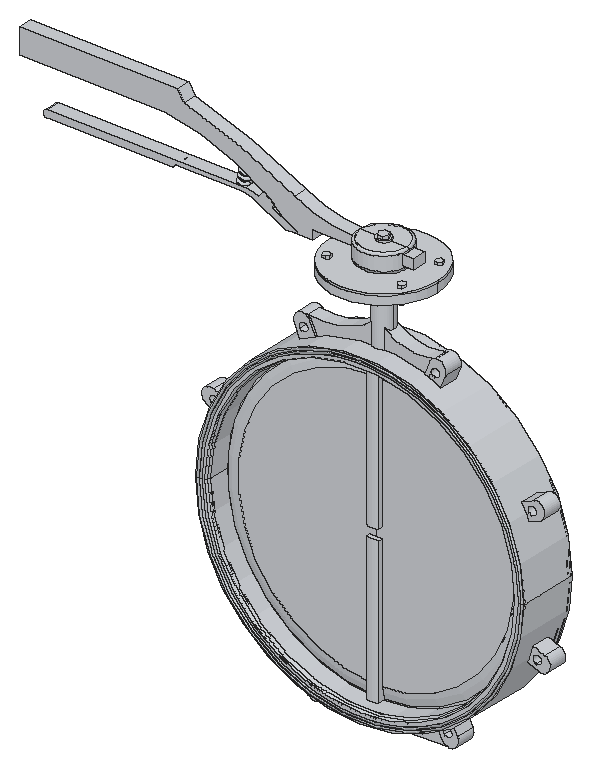
Revit family "R59FLX025", category Plumbing Fixtures, Revit 2015
Reference planes
  plane 1 "Center (Front/Back)": y = 0
  plane 2: z = 0
  plane 3 "Center (Left/Right)": x = 0
  plane 4: z = 274
  plane 5: x = -416
  plane 6: z = 376
  plane 7: z = -200
  plane 8: z = -30
  plane 9: z = 304
  plane 10: y = -34.488
  plane 11: y = 34.012
  plane 12: x = -28.994
Forms (mm)
  Extrusion 1, solid
    sketch origin (0, 0, 264) x (1, 0, 0) y (0, 1, 0)
      loop
        circle (0, 0) r 62.5
    from 0 to 10
  Extrusion 2, solid
    sketch origin (0, 45.948, -6.573) x (1, 0, 0) y (0, 0, 1)
      loop
        arc (-96.679, 319.319) -> (-160.037, 348.333) -> (-226.103, 370.497) r 659.286
        line (-226.103, 370.497) -> (-233.075, 382.573) -> (-416, 382.573) -> (-416, 353.639) -> (-247.687, 353.639)
        arc (-247.687, 353.639) -> (-166.02, 330.17) -> (-97.024, 280.573) r 248.649
        line (-97.024, 280.573) -> (-75.568, 280.573) -> (-75.568, 291.199) -> (41.486, 291.199) -> (41.486, 302.179) -> (-30.767, 302.179)
        arc (-30.767, 302.179) -> (-64.704, 306.978) -> (-96.679, 319.319) r 150.722
    from 37.966 to 54.11
  Extrusion 3, solid
    sketch origin (-57.783, 45.948, -76.087) x (1, 0, 0) y (0, 0, 1)
      loop
        line (-96.037, 377.009) -> (-326.453, 377.009)
        arc (-326.453, 377.009) -> (-330.721, 372.741) -> (-326.453, 368.473) r 4.268
        line (-326.453, 368.473) -> (-181.017, 368.473) -> (-177.189, 372.301) -> (-103.305, 372.301)
        arc (-103.305, 372.301) -> (-95.507, 371.471) -> (-88.058, 369.019) r 37.057
        arc (-88.058, 369.019) -> (-68.407, 360.05) -> (-49.241, 350.087) r 421.945
        line (-49.241, 350.087) -> (-34.866, 350.087)
        arc (-34.866, 350.087) -> (-48.985, 359.43) -> (-64, 367.252) r 162.429
        line (-64, 367.252) -> (-63.437, 371.843) -> (-74.98, 380.231) -> (-80.609, 372.485)
        arc (-80.609, 372.485) -> (-88.159, 375.309) -> (-96.037, 377.009) r 55.494
    from 37.966 to 54.11
  Extrusion 4, solid
    sketch origin (0, 0, -76.95) x (1, 0, 0) y (0, 1, 0)
      loop
        circle (0, 0) r 12
    from 259.167 to 340.95
  Revolve 5, solid
    sketch origin (0, 0, 0) x (0, 1, 0) y (0, 0, 1)
      loop
        line (11.11, 0) -> (-11.11, 0) -> (-11.11, -160.915)
        arc (-11.11, -160.915) -> (-10.081, -168.032) -> (-8, -174.915) r 47.991
        line (-8, -174.915) -> (-6, -174.915) -> (-6, -177.915) -> (0, -177.915) -> (6, -177.915) -> (6, -174.915) -> (8, -174.915)
        arc (8, -174.915) -> (10.081, -168.032) -> (11.11, -160.915) r 47.991
        line (11.11, -160.915) -> (11.11, 0)
      axis (11.11, 0) -> (-11.11, 0)
    angle from 0 to 360
  Blend 6, solid
    base sketch origin (0, 0, -4.163) x (1, 0, 0) y (0, 1, 0)
      loop
        line (-6.883, 16.4) -> (-6.883, -16.4)
        arc (-6.883, -16.4) -> (0, -18.078) -> (6.883, -16.4) r 14.953
        line (6.883, -16.4) -> (6.883, 16.4)
        arc (6.883, 16.4) -> (0, 18.078) -> (-6.883, 16.4) r 14.953
    top sketch origin (0, 0, 0) x (1, 0, 0) y (0, 1, 0)
      loop
        line (-6.883, 16.4) -> (-6.883, -16.4)
        arc (-6.883, -16.4) -> (0, -18.078) -> (6.883, -16.4) r 14.953
        line (6.883, -16.4) -> (6.883, 16.4)
        arc (6.883, 16.4) -> (0, 18.078) -> (-6.883, 16.4) r 14.953
    from 10.163 to 174.726
  Blend 7, solid
    base sketch origin (0, 0, -38.601) x (0, -1, 0) y (1, 0, 0)
      loop
        line (-16.4, -6.883) -> (16.4, -6.883)
        arc (16.4, -6.883) -> (18.078, 0) -> (16.4, 6.883) r 14.953
        line (16.4, 6.883) -> (-16.4, 6.883)
        arc (-16.4, 6.883) -> (-18.078, 0) -> (-16.4, -6.883) r 14.953
    top sketch origin (0, 0, -35.117) x (0, -1, 0) y (1, 0, 0)
      loop
        line (-16.4, -6.883) -> (16.4, -6.883)
        arc (16.4, -6.883) -> (18.078, 0) -> (16.4, 6.883) r 14.953
        line (16.4, 6.883) -> (-16.4, 6.883)
        arc (-16.4, 6.883) -> (-18.078, 0) -> (-16.4, -6.883) r 14.953
    from -136.658 to 29.117
  Extrusion 8, solid
    sketch origin (-55.072, 0, 115.013) x (0.99863, 0, -0.052336) y (0.052336, 0, 0.99863)
      loop
        line (-18.251, 60.114) -> (-25.459, 74.264)
        arc (-25.459, 74.264) -> (-38.908, 78.635) -> (-43.28, 65.186) r 10
        line (-43.28, 65.186) -> (-36.072, 51.036) -> (-18.251, 60.114)
      loop
        circle (-32.1, 65.269) r 5
    from -10.546 to 10.991
  Extrusion 9, solid
    sketch origin (42.384, 0, 120.268) x (0.669131, 0, -0.743145) y (0.743145, 0, 0.669131)
      loop
        line (-18.251, 60.114) -> (-25.459, 74.264)
        arc (-25.459, 74.264) -> (-38.908, 78.635) -> (-43.28, 65.186) r 10
        line (-43.28, 65.186) -> (-36.072, 51.036) -> (-18.251, 60.114)
      loop
        circle (-32.1, 65.269) r 5
    from -10.546 to 10.991
  Extrusion 10, solid
    sketch origin (115.013, 0, 55.072) x (-0.052336, 0, -0.99863) y (0.99863, 0, -0.052336)
      loop
        line (-18.251, 60.114) -> (-25.459, 74.264)
        arc (-25.459, 74.264) -> (-38.908, 78.635) -> (-43.28, 65.186) r 10
        line (-43.28, 65.186) -> (-36.072, 51.036) -> (-18.251, 60.114)
      loop
        circle (-32.1, 65.269) r 5
    from -10.546 to 10.991
  Extrusion 11, solid
    sketch origin (120.268, 0, -42.384) x (-0.743145, 0, -0.669131) y (0.669131, 0, -0.743145)
      loop
        line (-18.251, 60.114) -> (-25.459, 74.264)
        arc (-25.459, 74.264) -> (-38.908, 78.635) -> (-43.28, 65.186) r 10
        line (-43.28, 65.186) -> (-36.072, 51.036) -> (-18.251, 60.114)
      loop
        circle (-32.1, 65.269) r 5
    from -10.546 to 10.991
  Extrusion 12, solid
    sketch origin (55.072, 0, -115.013) x (-0.99863, 0, 0.052336) y (-0.052336, 0, -0.99863)
      loop
        line (-18.251, 60.114) -> (-25.459, 74.264)
        arc (-25.459, 74.264) -> (-38.908, 78.635) -> (-43.28, 65.186) r 10
        line (-43.28, 65.186) -> (-36.072, 51.036) -> (-18.251, 60.114)
      loop
        circle (-32.1, 65.269) r 5
    from -10.546 to 10.991
  Extrusion 13, solid
    sketch origin (-42.384, 0, -120.268) x (-0.669131, 0, 0.743145) y (-0.743145, 0, -0.669131)
      loop
        line (-18.251, 60.114) -> (-25.459, 74.264)
        arc (-25.459, 74.264) -> (-38.908, 78.635) -> (-43.28, 65.186) r 10
        line (-43.28, 65.186) -> (-36.072, 51.036) -> (-18.251, 60.114)
      loop
        circle (-32.1, 65.269) r 5
    from -10.546 to 10.991
  Extrusion 14, solid
    sketch origin (-115.013, 0, -55.072) x (0.052336, 0, 0.99863) y (-0.99863, 0, 0.052336)
      loop
        line (-18.251, 60.114) -> (-25.459, 74.264)
        arc (-25.459, 74.264) -> (-38.908, 78.635) -> (-43.28, 65.186) r 10
        line (-43.28, 65.186) -> (-36.072, 51.036) -> (-18.251, 60.114)
      loop
        circle (-32.1, 65.269) r 5
    from -10.546 to 10.991
  Extrusion 15, solid
    sketch origin (-120.268, 0, 42.384) x (0.743145, 0, 0.669131) y (-0.669131, 0, 0.743145)
      loop
        line (-18.251, 60.114) -> (-25.459, 74.264)
        arc (-25.459, 74.264) -> (-38.908, 78.635) -> (-43.28, 65.186) r 10
        line (-43.28, 65.186) -> (-36.072, 51.036) -> (-18.251, 60.114)
      loop
        circle (-32.1, 65.269) r 5
    from -10.546 to 10.991
  Extrusion 16, solid
    sketch origin (80.376, -27.447, 276) x (0, -1, 0) y (1, 0, 0)
      loop
        line (3.99, -123.113) -> (0.805, -120.344) -> (-3.184, -121.718) -> (-3.99, -125.86) -> (-0.805, -128.628) -> (3.184, -127.254) -> (3.99, -123.113)
    from 0 to 3
  Extrusion 17, solid
    sketch origin (80.376, -27.447, 256) x (0, -1, 0) y (1, 0, 0)
      loop
        circle (0, -124.486) r 3
    from 2.505 to 20
  Extrusion 18, solid
    sketch origin (80.376, -27.447, 263) x (0, -1, 0) y (1, 0, 0)
      loop
        line (3.99, -123.113) -> (0.805, -120.344) -> (-3.184, -121.718) -> (-3.99, -125.86) -> (-0.805, -128.628) -> (3.184, -127.254) -> (3.99, -123.113)
      loop
        line (-3.444, -125.672) -> (-0.695, -128.061) -> (2.749, -126.876) -> (3.444, -123.301) -> (0.695, -120.911) -> (-2.749, -122.097) -> (-3.444, -125.672)
    from -1.968 to 1
  Extrusion 19, solid, not visible
    sketch origin (26.117, -96.518, 104.233) x (0, -1, 0) y (1, 0, 0)
      loop
        line (3.99, -123.113) -> (0.805, -120.344) -> (-3.184, -121.718) -> (-3.99, -125.86) -> (-0.805, -128.628) -> (3.184, -127.254) -> (3.99, -123.113)
    from 0 to 3
  Extrusion 20, solid, not visible
    sketch origin (26.117, -96.518, 84.233) x (0, -1, 0) y (1, 0, 0)
      loop
        circle (0, -124.486) r 3
    from 2.505 to 20
  Extrusion 21, solid, not visible
    sketch origin (26.117, -96.518, 91.233) x (0, -1, 0) y (1, 0, 0)
      loop
        line (3.99, -123.113) -> (0.805, -120.344) -> (-3.184, -121.718) -> (-3.99, -125.86) -> (-0.805, -128.628) -> (3.184, -127.254) -> (3.99, -123.113)
      loop
        line (-3.444, -125.672) -> (-0.695, -128.061) -> (2.749, -126.876) -> (3.444, -123.301) -> (0.695, -120.911) -> (-2.749, -122.097) -> (-3.444, -125.672)
    from -1.968 to 1
  Extrusion 22, solid
    sketch origin (0, 0, 274) x (1, 0, 0) y (0, 1, 0)
      loop
        circle (0, 0) r 62.5
    from 0 to 2
  Extrusion 23, solid
    sketch origin (80.376, -27.447, 276) x (0, -1, 0) y (1, 0, 0)
      loop
        line (-58.884, -123.113) -> (-58.079, -127.254) -> (-54.09, -128.628) -> (-50.905, -125.86) -> (-51.71, -121.718) -> (-55.7, -120.344) -> (-58.884, -123.113)
    from 0 to 3
  Extrusion 24, solid
    sketch origin (80.376, -27.447, 256) x (0, -1, 0) y (1, 0, 0)
      loop
        circle (-54.895, -124.486) r 3
    from 2.505 to 20
  Extrusion 25, solid
    sketch origin (80.376, -27.447, 263) x (0, -1, 0) y (1, 0, 0)
      loop
        line (-58.884, -123.113) -> (-58.079, -127.254) -> (-54.09, -128.628) -> (-50.905, -125.86) -> (-51.71, -121.718) -> (-55.7, -120.344) -> (-58.884, -123.113)
      loop
        line (-51.451, -125.672) -> (-52.146, -122.097) -> (-55.59, -120.911) -> (-58.339, -123.301) -> (-57.644, -126.876) -> (-54.2, -128.061) -> (-51.451, -125.672)
    from -1.968 to 1
  Extrusion 26, solid
    sketch origin (-81.626, 27.447, 276) x (0, 1, 0) y (-1, 0, 0)
      loop
        line (-58.884, -123.113) -> (-58.079, -127.254) -> (-54.09, -128.628) -> (-50.905, -125.86) -> (-51.71, -121.718) -> (-55.7, -120.344) -> (-58.884, -123.113)
    from 0 to 3
  Extrusion 27, solid
    sketch origin (-81.626, 27.447, 256) x (0, 1, 0) y (-1, 0, 0)
      loop
        circle (-54.895, -124.486) r 3
    from 2.505 to 20
  Extrusion 28, solid
    sketch origin (-81.626, 27.447, 263) x (0, 1, 0) y (-1, 0, 0)
      loop
        line (-58.884, -123.113) -> (-58.079, -127.254) -> (-54.09, -128.628) -> (-50.905, -125.86) -> (-51.71, -121.718) -> (-55.7, -120.344) -> (-58.884, -123.113)
      loop
        line (-51.451, -125.672) -> (-52.146, -122.097) -> (-55.59, -120.911) -> (-58.339, -123.301) -> (-57.644, -126.876) -> (-54.2, -128.061) -> (-51.451, -125.672)
    from -1.968 to 1
  Extrusion 29, solid
    sketch origin (-81.626, 27.447, 276) x (0, 1, 0) y (-1, 0, 0)
      loop
        line (3.99, -123.113) -> (0.805, -120.344) -> (-3.184, -121.718) -> (-3.99, -125.86) -> (-0.805, -128.628) -> (3.184, -127.254) -> (3.99, -123.113)
    from 0 to 3
  Extrusion 30, solid
    sketch origin (-81.626, 27.447, 256) x (0, 1, 0) y (-1, 0, 0)
      loop
        circle (0, -124.486) r 3
    from 2.505 to 20
  Extrusion 31, solid
    sketch origin (-81.626, 27.447, 263) x (0, 1, 0) y (-1, 0, 0)
      loop
        line (3.99, -123.113) -> (0.805, -120.344) -> (-3.184, -121.718) -> (-3.99, -125.86) -> (-0.805, -128.628) -> (3.184, -127.254) -> (3.99, -123.113)
      loop
        line (-3.444, -125.672) -> (-0.695, -128.061) -> (2.749, -126.876) -> (3.444, -123.301) -> (0.695, -120.911) -> (-2.749, -122.097) -> (-3.444, -125.672)
    from -1.968 to 1
  Extrusion 32, solid
    sketch origin (125.063, -27.447, 301.144) x (0, -1, 0) y (1, 0, 0)
      loop
        line (-32.638, -122.069) -> (-32.638, -128.062) -> (-27.447, -131.059) -> (-22.257, -128.062) -> (-22.257, -122.069) -> (-27.447, -119.072) -> (-32.638, -122.069)
    from -1.014 to 2.856
  Extrusion 33, solid
    sketch origin (124.477, -54.895, 296.2) x (0, -1, 0) y (1, 0, 0)
      loop
        circle (-54.895, -124.486) r 8
    from -22.2 to 3.931
  Sweep 34, solid
    path origin (0, 0, 0) x (1, 0, 0) y (0, 0, 1)
      loop
        circle (0, 0) r 191
    profile origin (0, 0, -191) x (0, 0, 1) y (0, -1, 0)
      loop
        line (0, 34.488) -> (0, -34.012) -> (1.452, -34.012)
        arc (1.452, -34.012) -> (2.466, -35.026) -> (3.48, -34.012) r 1.014
        line (3.48, -34.012) -> (4.753, -34.012)
        arc (4.753, -34.012) -> (5.767, -35.026) -> (6.78, -34.012) r 1.014
        line (6.78, -34.012) -> (10.888, -34.012) -> (12.517, -31.67) -> (13.454, -28.173) -> (13.454, 28.649) -> (12.517, 32.146) -> (10.888, 34.488) -> (6.78, 34.488)
        arc (6.78, 34.488) -> (5.767, 35.502) -> (4.753, 34.488) r 1.014
        line (4.753, 34.488) -> (3.48, 34.488)
        arc (3.48, 34.488) -> (2.466, 35.502) -> (1.452, 34.488) r 1.014
        line (1.452, 34.488) -> (0, 34.488)
  Extrusion 35, solid
    sketch origin (0, 0, 124.34) x (1, 0, 0) y (0, 0, 1)
      loop
        line (-74.325, 51.425) -> (58.682, 51.425) -> (68.64, 77.357)
        arc (68.64, 77.357) -> (32.9, 75.966) -> (1.583, 93.246) r 66.671
        line (1.583, 93.246) -> (1.583, 72.112) -> (-1.691, 72.112) -> (-1.691, 93.246)
        arc (-1.691, 93.246) -> (-39.426, 73.615) -> (-81.89, 71.126) r 101.752
        line (-81.89, 71.126) -> (-74.325, 51.425)
    from -7.881 to 9.454
  Extrusion 36, solid
    sketch origin (-2.813, 0.293, -84.932) x (1, 0, 0) y (0, 0, 1)
      loop
        line (86.24, -111.416) -> (77.917, -92.721) -> (-55.013, -92.721) -> (-64.209, -116.67) -> (86.24, -111.416)
    from -9.388 to 9.974
  Revolve 37, solid
    sketch origin (0, 0, 134) x (1, 0, 0) y (0, 0, 1)
      loop
        line (-26.486, 143.746) -> (0, 143.746) -> (0, 165) -> (-26.486, 165)
        arc (-26.486, 165) -> (-28.259, 164.265) -> (-28.994, 162.492) r 2.508
        line (-28.994, 162.492) -> (-28.994, 146.254)
        arc (-28.994, 146.254) -> (-28.259, 144.481) -> (-26.486, 143.746) r 2.508
      axis (0, 143.746) -> (0, 165)
    angle from 0 to 360
  Sweep 38, solid
    path origin (-68.156, 0, 300.496) x (0.978732, 0, -0.205142) y (0, 1, 0)
      loop
        circle (-92.344, 0) r 5
    profile origin (-158.536, 5, 319.439) x (0, -1, 0) y (0.205142, 0, 0.978732)
      loop
        circle (0, 0) r 2
  Sweep 39, solid
    path origin (-69.24, 0, 294.236) x (0.978732, 0, -0.205142) y (0, 1, 0)
      loop
        circle (-92.344, 0) r 5
    profile origin (-159.62, 5, 313.18) x (0, -1, 0) y (0.205142, 0, 0.978732)
      loop
        circle (0, 0) r 2
  Sweep 40, solid
    path origin (-70.258, 0, 288.62) x (0.978732, 0, -0.205142) y (0, 1, 0)
      loop
        circle (-92.344, 0) r 5
    profile origin (-160.638, 5, 307.564) x (0, -1, 0) y (0.205142, 0, 0.978732)
      loop
        circle (0, 0) r 2
  Sweep 41, solid
    path origin (-71.686, 0, 281.994) x (0.978732, 0, -0.205142) y (0, 1, 0)
      loop
        circle (-92.344, 0) r 5
    profile origin (-162.066, 5, 300.938) x (0, -1, 0) y (0.205142, 0, 0.978732)
      loop
        circle (0, 0) r 2
Dimensions and locks
  plane 2 to plane 4 = 274 mm
  locked: plane 3 "Center (Left/Right)" to plane 5 at 416
  locked: level to plane 6 at 376
  plane 7 to level = 200 mm
  locked: plane 4 to plane 9 at 30
  plane 11 to plane 10 = 68.5 mm
  aligned and locked: level to plane 2
